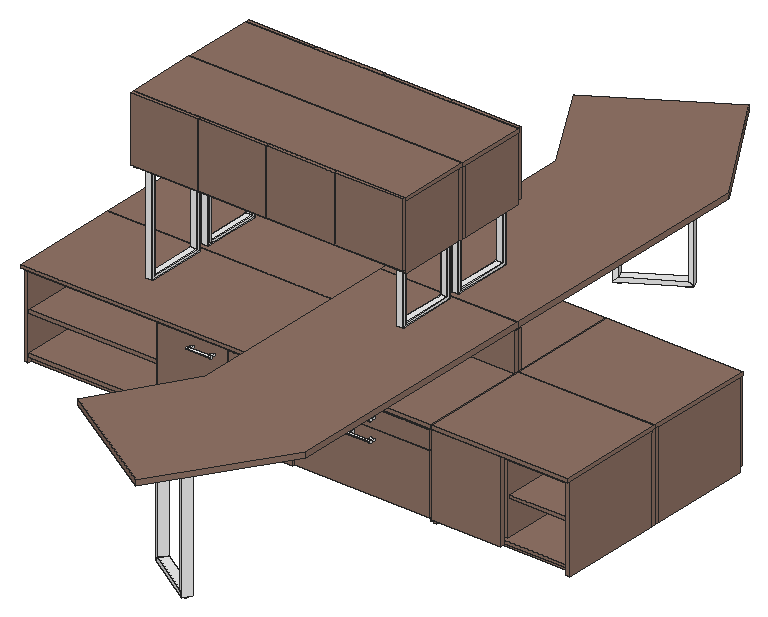
Revit family "VV003family", category Furniture, Revit 2015 (continued)
Definition of nested family "JSI-Vision-U_Base_for_Peninsula_Tops"
  Dimensions and locks (in)
    aligned and locked: plane 9 to Extrusion 1
    aligned and locked: plane 6 to Extrusion 1  (x2)
    aligned and locked: plane 7 to Extrusion 1  (x2)
    aligned and locked: Extrusion 4 to Extrusion 2
    aligned and locked: Extrusion 3 to Extrusion 2
    aligned and locked: Extrusion 3 to level
    aligned and locked: Extrusion 4 to level
    aligned and locked: Extrusion 2 to Extrusion 1  (x2)
    aligned and locked: curve 1 to Extrusion 1
    aligned and locked: curve 2 to Extrusion 1
    aligned and locked: curve 3 to Extrusion 1
    aligned and locked: curve 4 to Extrusion 1
    aligned and locked: curve 5 to Extrusion 2
    aligned and locked: curve 6 to Extrusion 2
    aligned and locked: curve 7 to Extrusion 2
    aligned and locked: curve 8 to Extrusion 2
  Automatic sketch dimensions
    Extrusion 1 sketch curve to plane 6 = 0' - 0"
    Extrusion 1 sketch curve to plane 7 = 0' - 0"
    plane 9 to Extrusion 1 sketch curve = 0' - 0"
    Extrusion 1 sketch curve to plane 8 = 0' - 0"
    Extrusion 2 sketch curve to Extrusion 2 sketch curve = 0' - 0"  (x4)
    level to Extrusion 2 sketch curve = 0' - 0 1/4"
    Extrusion 2 sketch curve to Extrusion 2 sketch curve = 0' - 0.01105"  (x4)
    Extrusion 2 sketch curve to Extrusion 2 sketch curve = 0' - 0.98895"
    Extrusion 2 sketch curve to plane 5 = 0' - 1.4212"  (x2)
    Extrusion 3 sketch curve to plane 3 "Center Left/Right" = 0' - 0"
    Extrusion 4 sketch curve to plane 3 "Center Left/Right" = 0' - 0"
    Extrusion 2 sketch curve to plane 9 = 0' - 3"
    Extrusion 2 sketch curve to Extrusion 2 sketch curve = 0' - 1"  (x2)
    plane 9 to Extrusion 4 sketch curve = 0' - 3"
    Extrusion 2 sketch curve to plane 8 = 0' - 3"
    Extrusion 3 sketch curve to plane 8 = 0' - 3"
    curve 3 to plane 6 = 0' - 0"
    radius of Extrusion 3 sketch curve = 0' - 0 3/4"
    radius of Extrusion 4 sketch curve = 0' - 0 3/4"
Definition of nested family "JSI-Vision-OH_Cab-Split_H_Post"
  Parameters (values of type "Split H Post OH Cab - Type Catalog Family")
    Vetical Partition = yes
    Top = none
    Width = 4' - 6"
    Verticall Partition Distance = if(# of Doors > 3, Unit Centre, (if(# of Doors < 3, Unit Centre, (if(OHL, (Door Width + 0' 0 9/16"), ((Door Width * 2) + (0' 0 1/16")))))))  # 2' - 3"
    Unit Centre = Width / 2  # 2' - 3"
    URL = "www.jsifurniture.com"
    Type Comments = ""
    Tag = "4 Doors"
    Series = "VISION CASEGOODS"  # constant formula
    Support Leg = none
    Overhead Height = 1' - 10 13/16"
    OHL = no
    OH Elevation = 2' - 6"
    Model = "VL1654PSHD-2737"
    Material = ""
    Manufacturer = "JSI"  # constant formula
    Keynote = "12500"
    JSI Enviromental Website = "http://www.jsifurniture.com/jsi_sustainability_intro.php"
    Height = 3' - 1"
    Door Front = none
    Door Width = if(Width > 4' 5", ((Width - 0' 0 3/4") / # of Doors), (if(Width > 3' 5", ((Width - 0' 0 5/8") / # of Doors), ((Width - 0' 0 1/2") / # of Doors))))  # 1' - 1 5/16"
    Door Array Spacing = Door Width + 0' 0 1/8"  # 1' - 1 7/16"
    Description = "Laminate Split Height Post Support Overhead Cab. 16\" x 54\", 4 Doors"
    Depth = 1' - 4"
    Chassis = none
    Assembly Code = "E2020200"
    # of Doors = if(Width > 4' 5", 4, (if(Width > 3' 5", 3, (if(Width > 2' 6", 2, 2)))))  # 4
  Reference planes (in)
    plane 1 "Center Front/Back": y = 0
    plane 2: z = 0
    plane 3 "Center Left/Right": x = 0
    plane 4: z = 0
    plane 5: y = -0.125
    plane 6: x = 0.125
    plane 7: x = 54
    plane 8: x = 53.875
    plane 9: y = -16
    plane 10: y = -15.375
    plane 11: y = -15.5
    plane 12: y = -16.25
    plane 13: x = 0.875
    plane 14: x = 53.125
    plane 15: y = -0.875
    plane 16: x = 27
    plane 17: z = 67
    plane 18: z = 66.8125
    plane 19: z = 66.0625
    plane 20: z = 52.8125
    plane 21: z = 51.8125
    plane 22: z = 53.5625
    plane 23: z = 30
    plane 24: x = 0.1875
    plane 25: x = 53.8125
    plane 26: z = 52.6875
    plane 27: z = 52.625
    plane 28: x = 27.375
    plane 29: x = 26.625
    plane 30: x = 0.09375
    plane 31: y = -0.09375
    plane 32: y = -15.40625
    plane 33: x = 53.90625
    plane 34: y = -15.25
    plane 35: y = -14.5
    plane 36: x = 13.5625
    plane 37: x = 13.5
    plane 38: x = 13.625
    plane 39: x = 27
    plane 40: x = 1.75
    plane 41: y = -1.125
    plane 42: x = 4.25
    plane 43: y = -3.125
    plane 44: x = 52.25
    plane 45: x = 49.75
    plane 46: y = -15.3125
    plane 47: y = -14.125
    plane 48: y = -12.125
    plane 49: z = 40
  Forms (in)
    Extrusion 1, solid, material <- "Chassis"
      sketch origin (0, 0, 0) x (1, 0, 0) y (0, 1, 0)
        loop
          line (0.125, -0.875) -> (0.125, -15.375) -> (0.875, -15.375) -> (0.875, -0.875) -> (0.125, -0.875)
      from 51.8125 to 66.0625
    Extrusion 2, solid, material <- "Chassis"
      sketch origin (0, 0, 0) x (1, 0, 0) y (0, 1, 0)
        loop
          line (53.875, -0.875) -> (53.125, -0.875) -> (53.125, -15.375) -> (53.875, -15.375) -> (53.875, -0.875)
      from 51.8125 to 66.0625
    Extrusion 3, solid, material <- "Chassis"
      sketch origin (0, 0, 0) x (1, 0, 0) y (0, 1, 0)
        loop
          line (0.125, -0.125) -> (0.125, -0.875) -> (53.875, -0.875) -> (53.875, -0.125) -> (0.125, -0.125)
      from 51.8125 to 66.0625
    Extrusion 4, solid, material <- "Chassis", visible <- "Vetical Partition"
      sketch origin (0, 0, 0) x (1, 0, 0) y (0, 1, 0)
        loop
          line (26.625, -0.875) -> (26.625, -15.3125) -> (27.375, -15.3125) -> (27.375, -0.875) -> (26.625, -0.875)
      from 53.5625 to 66.0625
    Extrusion 5, solid, material <- "Chassis"
      sketch origin (0, 0, 0) x (0, 1, 0) y (0, 0, 1)
        loop
          line (-0.875, 53.5625) -> (-15.3125, 53.5625) -> (-15.3125, 52.8125) -> (-0.875, 52.8125) -> (-0.875, 53.5625)
      from 0.875 to 53.125
    Extrusion 6, solid, material <- "Top"
      sketch origin (0, 0, 0) x (0, 1, 0) y (0, 0, 1)
        loop
          line (-0.09375, 66.8125) -> (-15.40625, 66.8125) -> (-15.40625, 66.0625) -> (-0.09375, 66.0625) -> (-0.09375, 66.8125)
      from 0.09375 to 53.90625
    Extrusion 7, solid, material <- "Chassis"
      sketch origin (0, 0, 0) x (0, 1, 0) y (0, 0, 1)
        loop
          line (-14.5, 52.8125) -> (-15.25, 52.8125) -> (-15.25, 51.8125) -> (-14.5, 51.8125) -> (-14.5, 52.8125)
      from 0.875 to 53.125
    Extrusion 8, solid, material <- "Door Front"
      sketch origin (-4.5, 0, 0) x (1, 0, 0) y (0, 1, 0)
        loop
          line (4.6875, -15.5) -> (4.6875, -16.25) -> (18, -16.25) -> (18, -15.5) -> (4.6875, -15.5)
      from 52.6875 to 66.8125
    Extrusion 9, solid, material <- "Door Front"
      sketch origin (8.9375, 0, 0) x (1, 0, 0) y (0, 1, 0)
        loop
          line (4.6875, -15.5) -> (4.6875, -16.25) -> (18, -16.25) -> (18, -15.5) -> (4.6875, -15.5)
      from 52.6875 to 66.8125
    Extrusion 10, solid, material <- "Support Leg"
      sketch origin (0, 0, 0) x (1, 0, 0) y (0, 1, 0)
        loop
          line (1.75, -1.125) -> (1.75, -3.125) -> (4.25, -3.125) -> (4.25, -1.125) -> (1.75, -1.125)
        loop
          line (49.75, -1.125) -> (49.75, -3.125) -> (52.25, -3.125) -> (52.25, -1.125) -> (49.75, -1.125)
        loop
          line (49.75, -12.125) -> (49.75, -14.125) -> (52.25, -14.125) -> (52.25, -12.125) -> (49.75, -12.125)
        loop
          line (1.75, -12.125) -> (1.75, -14.125) -> (4.25, -14.125) -> (4.25, -12.125) -> (1.75, -12.125)
      from 52.625 to 52.8125
    Sweep 11, solid, material <- "Support Leg"
      path origin (1.75, 60, 48) x (0, 1, 0) y (0, 0, 1)
        loop
          line (-61.125, 4.625) -> (-61.125, -8) -> (-74.125, -8) -> (-74.125, 4.625)
      profile origin (1.75, -1.125, 46.3125) x (1, 0, 0) y (0, 1, 0)
        loop
          arc (0.125, 0) -> (0.0366117, -0.0366117) -> (0, -0.125) r 0.125
          line (0, -0.125) -> (0, -0.625)
          arc (0, -0.625) -> (0.0366117, -0.7133883) -> (0.125, -0.75) r 0.125
          line (0.125, -0.75) -> (1.375, -0.75)
          arc (1.375, -0.75) -> (1.4633883, -0.7133883) -> (1.5, -0.625) r 0.125
          line (1.5, -0.625) -> (1.5, -0.125)
          arc (1.5, -0.125) -> (1.4633883, -0.0366117) -> (1.375, 0) r 0.125
          line (1.375, 0) -> (0.125, 0)
    Sweep 12, solid, material <- "Support Leg"
      path origin (52.25, 60, 48) x (0, 1, 0) y (0, 0, 1)
        loop
          line (-61.125, 4.625) -> (-61.125, -18) -> (-74.125, -18) -> (-74.125, 4.625)
      profile origin (52.25, -14.125, 41.3125) x (0, -1, 0) y (1, 0, 0)
        loop
          arc (0, -0.125) -> (-0.0366117, -0.0366117) -> (-0.125, 0) r 0.125
          line (-0.125, 0) -> (-0.625, 0)
          arc (-0.625, 0) -> (-0.7133883, -0.0366117) -> (-0.75, -0.125) r 0.125
          line (-0.75, -0.125) -> (-0.75, -1.375)
          arc (-0.75, -1.375) -> (-0.7133883, -1.4633883) -> (-0.625, -1.5) r 0.125
          line (-0.625, -1.5) -> (-0.125, -1.5)
          arc (-0.125, -1.5) -> (-0.0366117, -1.4633883) -> (0, -1.375) r 0.125
          line (0, -1.375) -> (0, -0.125)
    Extrusion 13, solid, material <- "Door Front"
      sketch origin (22.375, 0, 0) x (1, 0, 0) y (0, 1, 0)
        loop
          line (4.6875, -15.5) -> (4.6875, -16.25) -> (18, -16.25) -> (18, -15.5) -> (4.6875, -15.5)
      from 52.6875 to 66.8125
    Extrusion 14, solid, material <- "Door Front"
      sketch origin (35.8125, 0, 0) x (1, 0, 0) y (0, 1, 0)
        loop
          line (4.6875, -15.5) -> (4.6875, -16.25) -> (18, -16.25) -> (18, -15.5) -> (4.6875, -15.5)
      from 52.6875 to 66.8125
  Lines and regions (in)
    symbolic lines
      curve 1: line (53.875, -0.125, 0) -> (0.125, -0.125, 0)
      curve 2: line (0.125, -0.125, 0) -> (0.125, -15.375, 0)
      curve 3: line (53.875, -0.125, 0) -> (53.875, -15.375, 0)
      curve 4: line (53.875, -15.375, 0) -> (0.125, -15.375, 0)
      curve 5: line (13.5, -15.5, 0) -> (0.1875, -15.5, 0)
      curve 6: line (0.1875, -15.5, 0) -> (0.1875, -16.25, 0)
      curve 7: line (0.1875, -16.25, 0) -> (13.5, -16.25, 0)
      curve 8: line (13.5, -16.25, 0) -> (13.5, -15.5, 0)
      curve 9: line (26.9375, -15.5, 0) -> (13.625, -15.5, 0)
      curve 10: line (13.625, -15.5, 0) -> (13.625, -16.25, 0)
      curve 11: line (13.625, -16.25, 0) -> (26.9375, -16.25, 0)
      curve 12: line (26.9375, -16.25, 0) -> (26.9375, -15.5, 0)
      curve 13: line (40.375, -15.5, 0) -> (27.0625, -15.5, 0)
      curve 14: line (27.0625, -15.5, 0) -> (27.0625, -16.25, 0)
      curve 15: line (27.0625, -16.25, 0) -> (40.375, -16.25, 0)
      curve 16: line (40.375, -16.25, 0) -> (40.375, -15.5, 0)
      curve 17: line (53.8125, -15.5, 0) -> (40.5, -15.5, 0)
      curve 18: line (40.5, -15.5, 0) -> (40.5, -16.25, 0)
      curve 19: line (40.5, -16.25, 0) -> (53.8125, -16.25, 0)
      curve 20: line (53.8125, -16.25, 0) -> (53.8125, -15.5, 0)
  Dimensions and locks (in)
    locked: plane 3 "Center Left/Right" to plane 6 at 0.125
    "Width": plane 3 "Center Left/Right" to plane 7
    locked: plane 8 to plane 7 at 0.125
    "Depth": plane 9 to plane 1 "Center Front/Back"
    locked: plane 9 to plane 10 at 0.625
    locked: plane 11 to plane 10 at 0.125
    locked: plane 12 to plane 11 at 0.75
    locked: plane 5 to plane 1 "Center Front/Back" at 0.125
    locked: plane 15 to plane 5 at 0.75
    locked: plane 6 to plane 13 at 0.75
    locked: plane 14 to plane 8 at 0.75
    "Unit Centre": plane 3 "Center Left/Right" to plane 16
    locked: plane 17 to plane 18 at 0.1875
    locked: plane 18 to plane 19 at 0.75
    plane 22 to plane 20 to plane 21 = 0' - 0 3/4" locked, 0' - 1" locked
    "Height": plane 17 to plane 23
    "OH Elevation": plane 23 to plane 4
    "Overhead Height": plane 20 to plane 23
    plane 21 to plane 23 = 1' - 9 13/16"
    locked: plane 6 to plane 24 at 0.0625
    locked: plane 25 to plane 8 at 0.0625
    locked: plane 20 to plane 27 at 0.1875
    locked: plane 30 to plane 6 at 0.03125
    locked: plane 8 to plane 33 at 0.03125
    locked: plane 5 to plane 31 at 0.03125
    locked: plane 32 to plane 10 at 0.03125
    plane 10 to plane 34 to plane 35 = 0' - 0 1/8" locked, 0' - 0 3/4" locked
    plane 37 to plane 36 to plane 38 = 0' - 0 1/16" locked, 0' - 0 1/16" locked
    "Door Width": Extrusion 8 sketch curve to Extrusion 8 sketch curve
    "Door Width": Extrusion 9 sketch curve to Extrusion 9 sketch curve
    equal spacing: group 1, group 2, group 3, group 4  (x3)
    "Door Width": plane 24 to plane 37
    "Door Array Spacing": Extrusion 8 to Extrusion 9
    locked: plane 20 to plane 26 at 0.125
    plane 29 to plane 39 to plane 28 = 0' - 0 3/8" locked, 0' - 0 3/8" locked
    "Verticall Partition Distance": plane 3 "Center Left/Right" to plane 39
    plane 6 to plane 40 to plane 42 = 0' - 1 5/8" locked, 0' - 2 1/2" locked
    plane 43 to plane 41 to plane 5 = 0' - 2" locked, 0' - 1" locked
    plane 45 to plane 44 to plane 8 = 0' - 2 1/2" locked, 0' - 1 5/8" locked
    locked: plane 10 to plane 46 at 0.0625
    plane 10 to plane 47 to plane 48 = 0' - 1 1/4" locked, 0' - 2" locked
    locked: Sweep 11 sketch curve to Sweep 11 sketch curve at 0.75
    locked: Sweep 11 sketch curve to Sweep 11 sketch curve at 1.5
    locked: Sweep 12 sketch curve to Sweep 12 sketch curve at 1.5
    locked: Sweep 12 sketch curve to Sweep 12 sketch curve at 0.75
    locked: plane 49 to plane 23 at 10
    "Door Width": Extrusion 13 sketch curve to Extrusion 13 sketch curve
    "Door Width": Extrusion 14 sketch curve to Extrusion 14 sketch curve
    aligned and locked: level to plane 2
    aligned and locked: plane 6 to Extrusion 1 sketch curve
    aligned and locked: Extrusion 1 sketch curve to plane 10
    aligned and locked: Extrusion 1 sketch curve to plane 13
    aligned and locked: plane 8 to Extrusion 2 sketch curve
    aligned and locked: plane 10 to Extrusion 2 sketch curve
    aligned and locked: Extrusion 2 sketch curve to plane 14
    aligned and locked: plane 15 to Extrusion 1 sketch curve
    aligned and locked: Extrusion 2 sketch curve to plane 15
    aligned and locked: plane 5 to Extrusion 3 sketch curve
    aligned and locked: plane 6 to Extrusion 3 sketch curve
    aligned and locked: Extrusion 3 sketch curve to Extrusion 2  (x2)
    aligned and locked: plane 15 to Extrusion 4 sketch curve
    aligned and locked: plane 29 to Extrusion 4 sketch curve
    aligned and locked: Extrusion 4 sketch curve to plane 28
    aligned and locked: plane 19 to Extrusion 1
    aligned and locked: Extrusion 1 to plane 21
    aligned and locked: plane 19 to Extrusion 2
    aligned and locked: Extrusion 2 to plane 21
    aligned and locked: plane 19 to Extrusion 4
    aligned and locked: plane 19 to Extrusion 3
    aligned and locked: Extrusion 3 to plane 21
    aligned and locked: plane 22 to Extrusion 5 sketch curve
    aligned and locked: Extrusion 5 sketch curve to plane 15
    aligned and locked: Extrusion 5 sketch curve to plane 20
    aligned and locked: Extrusion 5 to plane 13
    aligned and locked: plane 14 to Extrusion 5
    aligned and locked: Extrusion 4 to plane 22
    aligned and locked: plane 18 to Extrusion 6 sketch curve
    aligned and locked: Extrusion 6 sketch curve to plane 31
    aligned and locked: plane 32 to Extrusion 6 sketch curve
    aligned and locked: plane 19 to Extrusion 6 sketch curve
    aligned and locked: Extrusion 6 to plane 30
    aligned and locked: plane 33 to Extrusion 6
    aligned and locked: plane 35 to Extrusion 7 sketch curve
    aligned and locked: Extrusion 7 sketch curve to plane 34
    aligned and locked: plane 21 to Extrusion 7 sketch curve
    aligned and locked: Extrusion 7 sketch curve to plane 20
    aligned and locked: Extrusion 7 to plane 13
    aligned and locked: plane 14 to Extrusion 7
    aligned and locked: Extrusion 8 to plane 24
    aligned and locked: plane 18 to Extrusion 8
    aligned and locked: Extrusion 8 to plane 26
    aligned and locked: plane 18 to Extrusion 9
    aligned and locked: Extrusion 9 to plane 26
    aligned and locked: Extrusion 8 to plane 18
    aligned and locked: plane 26 to Extrusion 8  (x2)
    aligned and locked: Extrusion 9 to plane 18  (x2)
    aligned and locked: plane 26 to Extrusion 9  (x2)
    aligned and locked: plane 18 to Extrusion 6
    aligned and locked: Extrusion 5 sketch curve to plane 46
    aligned and locked: Extrusion 4 sketch curve to plane 46
    aligned and locked: plane 41 to Extrusion 10 sketch curve  (x2)
    aligned and locked: plane 40 to Extrusion 10 sketch curve  (x2)
    aligned and locked: Extrusion 10 sketch curve to plane 43  (x2)
    aligned and locked: Extrusion 10 sketch curve to plane 42  (x2)
    aligned and locked: plane 45 to Extrusion 10 sketch curve  (x2)
    aligned and locked: Extrusion 10 sketch curve to plane 44  (x2)
    aligned and locked: plane 48 to Extrusion 10 sketch curve  (x2)
    aligned and locked: Extrusion 10 sketch curve to plane 47  (x2)
    aligned and locked: plane 20 to Extrusion 10
    aligned and locked: Extrusion 10 to plane 27
    aligned and locked: plane 41 to Sweep 11 sketch curve
    aligned and locked: plane 47 to Sweep 11 sketch curve
    aligned and locked: plane 27 to Sweep 11 sketch curve  (x2)
    aligned and locked: profile plane to Sweep 11 sketch curve  (x2)
    aligned and locked: Sweep 12 sketch curve to plane 47
    aligned and locked: Sweep 12 sketch curve to plane 41
    aligned and locked: Sweep 12 sketch curve to plane 23
    aligned and locked: plane 27 to Sweep 12 sketch curve  (x2)
    aligned and locked: profile plane to Sweep 12 sketch curve
    aligned and locked: Sweep 12 sketch curve to profile plane
    aligned and locked: curve 1 to plane 5
    aligned and locked: curve 2 to plane 6
    aligned and locked: curve 3 to plane 8
    aligned and locked: curve 4 to plane 10
    aligned and locked: curve 5 to Extrusion 8
    aligned and locked: curve 6 to Extrusion 8
    aligned and locked: curve 7 to Extrusion 8
    aligned and locked: curve 8 to Extrusion 8
    aligned and locked: curve 9 to Extrusion 9
    aligned and locked: curve 10 to Extrusion 9
    aligned and locked: curve 11 to Extrusion 9
    aligned and locked: curve 12 to Extrusion 9
    aligned and locked: plane 16 to nested 1
    aligned and locked: plane 12 to nested 1
    aligned and locked: Sweep 11 sketch curve to plane 49
    aligned and locked: curve 13 to Extrusion 13
    aligned and locked: curve 14 to Extrusion 13
    aligned and locked: curve 15 to Extrusion 13
    aligned and locked: curve 16 to Extrusion 13
    aligned and locked: curve 17 to Extrusion 14
    aligned and locked: curve 18 to Extrusion 14
    aligned and locked: curve 19 to Extrusion 14
    aligned and locked: curve 20 to Extrusion 14
  Automatic sketch dimensions
    Extrusion 8 sketch curve to Extrusion 8 sketch curve = 0' - 0 3/4"
    Extrusion 9 sketch curve to Extrusion 9 sketch curve = 0' - 0 3/4"
    profile plane to Sweep 12 sketch curve = 0' - 0 1/8"  (x2)
    curve 6 to curve 6 = 0' - 0 3/4"
    curve 6 to curve 7 = 1' - 1 5/16"
    curve 10 to curve 10 = 0' - 0 3/4"
    curve 10 to curve 11 = 1' - 1 5/16"
    Extrusion 13 sketch curve to Extrusion 13 sketch curve = 0' - 0 3/4"
    curve 14 to curve 14 = 0' - 0 3/4"
    curve 14 to curve 15 = 1' - 1 5/16"
    plane 40 to Sweep 11 sketch curve = 0' - 0 1/8"  (x2)
    Sweep 11 sketch curve to Sweep 11 sketch curve = 0' - 0 1/8"  (x2)
    Sweep 12 sketch curve to Sweep 12 sketch curve = 0' - 0 1/8"  (x2)
    Extrusion 14 sketch curve to Extrusion 14 sketch curve = 0' - 0 3/4"
    curve 18 to curve 18 = 0' - 0 3/4"
    curve 18 to curve 19 = 1' - 1 5/16"
  Nested families (in)
    nested 1: "Label 1-16 OH" at (27, -16.25, 0), type "OH DOORS"
  Definition of nested family "Label 1-16 OH"
    Parameters
      Width = 0' - 1"
      Model Name = "XX"
    Reference planes (in)
      plane 1: y = 0
      plane 2: x = 0
    Text (in)
      label "XX" at (0.0005059, -0.1232411, 0), shows "Model Name"
